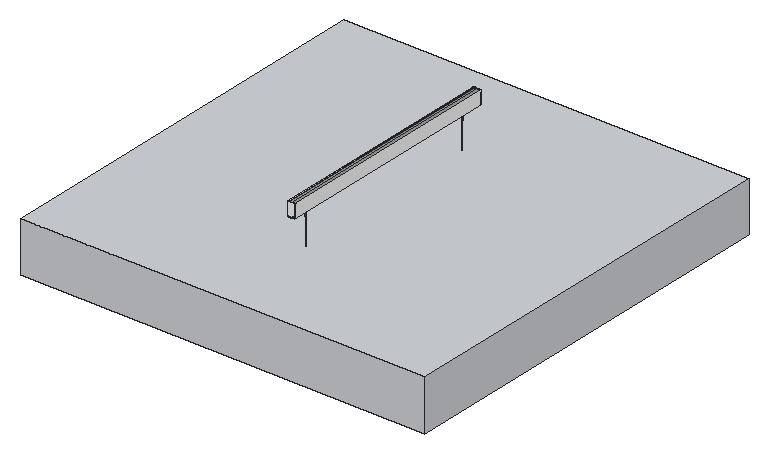
Revit family "LAMP_FIL 45 1400MM OPAL COMFORT SUSPENDED", category Luminarias, Revit 2018
Family settings
  Anfitrión = Cara
  Cota de conector redondo = Diámetro de uso
  Tipo de pieza = Normal
  Corte con vacíos al cargar = No
  Origen de luz = Sí
  Compartido = No
  Punto de cálculo de habitación = No
Parameters (values of type "3250LM 3000K  BLACK")
  Ángulo de inclinación = -90.00°
  Weight = 3.00 kg
  Wattage = 20.3 W
  UGR = "18"
  Type = "MID POWER TRIDONIC"
  built-in parameter 1150107 = 3000 (stored number, unit not read)
  Suspension distance [instance] = if(Suspension > 4000 mm, 4000 mm, if(Suspension < 1 mm, 1 mm, Suspension))  # 200 mm
  Suspension [instance] = 200 mm
  built-in parameter 1150110 = 1 (stored number, unit not read)
  built-in parameter 1150109 = 1 (stored number, unit not read)
  built-in parameter 1150112 = 1 (stored number, unit not read)
  built-in parameter 1150113 = 1 (stored number, unit not read)
  built-in parameter 1114218 = 1 (stored number, unit not read)
  Protection rating = "IP20 / IK07"
  Product datasheet = "http://www.lamp.es/product-files/TECH/F41SF140MOPR830NB-EN.pdf"
  Product code = "F41SF140MOPR830NB"
  Product URL = "https://www.lamp.es/en/family/fil-45_413951"
  Power Supply = "220-240V 50/60Hz"
  Power = 19 W
  Plum = 20.3 W
  Photobiological risk = ""
  NOT COVER 2 [instance] = not(END COVER 2)  # no
  NOT COVER 1 [instance] = not(END COVER 1)  # no
  built-in parameter 1150137 = (empty or 0)
  built-in parameter 1150132 = 2
  Modelo = Product code  # "F41SF140MOPR830NB"
  Model Explanation = ""
  Material suspension = LAMP_Acero genérico
  Material perfil = LAMP_Aluminio Perfil Fil NG
  Material difusor = LAMP_PC Difusor Opal Fil
  Manufacturer name = "LAMP"
  Manufacturer country = "Spain"
  Manufacturer URL = "http://www.lamp.es/en"
  MacAdam = "3"
  Longitud de línea de emisión = 1400 mm
  Last update = "18/03/2021"
  Lamp = "MID-POWER LED"
  LED Lifetime = "70.000 L80 B10"
  built-in parameter 1150105 = 794.14 (stored number, unit not read)
  built-in parameter 1150102 = (empty or 0)
  Insulation class = "I"
  Installation instructions = "https://www.lamp.es/product-files/INS/1004580-C%20INSTR.%20FIL45.pdf"
  built-in parameter 1150106 = 7.9414 (stored number, unit not read)
  IEE = "A+"
  Gear = "Electronic"
  Lumens = 2087.65 lm
  Finish = "Matte black RAL 9011"
  Color Filter = 16777215
  built-in parameter 1114217 = 1 (stored number, unit not read)
  built-in parameter 1150139 = (empty or 0)
  Fabricante = Manufacturer name  # "LAMP"
  Default Elevation = 1219.2 mm
  built-in parameter 1150104 = 9.5541 (stored number, unit not read)
  Efficacy = 102.84 lm/W
  END COVER 2 [instance] = yes
  END COVER 1 [instance] = yes
  Dimensions = "1400x45x80"
  Descripción = "FIL45 SUR 1400 3250 WW OP COMF BK."
  built-in parameter 1150115 = 1 (stored number, unit not read)
  built-in parameter 1150114 = 1 (stored number, unit not read)
  built-in parameter 1150138 = (empty or 0)
  built-in parameter 1150134 = 3
  Dimming Lamp Color Temperature Shift = (empty or 0)
  CRI = "80"
  Archivo de red fotométrica = "F41SF140MOPR830NB.IES"
  built-in parameter 1150133 = 10 (stored number, unit not read)
Types (12, lengths in mm): name | Weight | built-in parameter 1150107 | Product datasheet | Product code | Modelo | Material perfil | built-in parameter 1150105 | built-in parameter 1150106 | Lumens | Finish | built-in parameter 1150104 | Efficacy | Descripción | Archivo de red fotométrica
  3250LM 3000K DALI BLACK | 3.172 kg | 3000 (stored number, unit not read) | "http://www.lamp.es/product-files/TECH/F41SF140MOPR830DB-EN.pdf" | "F41SF140MOPR830DB" | "F41SF140MOPR830DB" | LAMP_Aluminio Perfil Fil NG | 794.14 (stored number, unit not read) | 7.9414 (stored number, unit not read) | 2087.65 lm | "Matte black RAL 9011" | 9.5541 (stored number, unit not read) | 102.84 lm/W | "FIL45 SUR 1400 3250 WW OP COMF DALI BK." | "F41SF140MOPR830nB.IES"
  3250LM 3000K DALI GREY | 3.172 kg | 3000 (stored number, unit not read) | "http://www.lamp.es/product-files/TECH/F41SF140MOPR830DG-EN.pdf" | "F41SF140MOPR830DG" | "F41SF140MOPR830DG" | LAMP_Aluminio Perfil Fil GR | 794.14 (stored number, unit not read) | 7.9414 (stored number, unit not read) | 2087.65 lm | "Gloss grey" | 9.5541 (stored number, unit not read) | 102.84 lm/W | "FIL45 SUR 1400 3250 WW OP COMF DALI GR." | "F41SF140MOPR830nG.IES"
  3250LM 3000K DALI WHITE | 3.172 kg | 3000 (stored number, unit not read) | "http://www.lamp.es/product-files/TECH/F41SF140MOPR830DW-EN.pdf" | "F41SF140MOPR830DW" | "F41SF140MOPR830DW" | LAMP_Aluminio Perfil Fil BL | 794.14 (stored number, unit not read) | 7.9414 (stored number, unit not read) | 2087.65 lm | "Matte white RAL 9010" | 9.5541 (stored number, unit not read) | 102.84 lm/W | "FIL45 SUR 1400 3250 WW OP COMF DALI WH." | "F41SF140MOPR830nW.IES"
  3250LM 3000K  BLACK | 3.00 kg | 3000 (stored number, unit not read) | "http://www.lamp.es/product-files/TECH/F41SF140MOPR830NB-EN.pdf" | "F41SF140MOPR830NB" | "F41SF140MOPR830NB" | LAMP_Aluminio Perfil Fil NG | 794.14 (stored number, unit not read) | 7.9414 (stored number, unit not read) | 2087.65 lm | "Matte black RAL 9011" | 9.5541 (stored number, unit not read) | 102.84 lm/W | "FIL45 SUR 1400 3250 WW OP COMF BK." | "F41SF140MOPR830NB.IES"
  3250LM 3000K  GREY | 3.00 kg | 3000 (stored number, unit not read) | "http://www.lamp.es/product-files/TECH/F41SF140MOPR830NG-EN.pdf" | "F41SF140MOPR830NG" | "F41SF140MOPR830NG" | LAMP_Aluminio Perfil Fil GR | 794.14 (stored number, unit not read) | 7.9414 (stored number, unit not read) | 2087.65 lm | "Gloss grey" | 9.5541 (stored number, unit not read) | 102.84 lm/W | "FIL45 SUR 1400 3250 WW OP COMF GR." | "F41SF140MOPR830NG.IES"
  3250LM 3000K  WHITE | 3.00 kg | 3000 (stored number, unit not read) | "http://www.lamp.es/product-files/TECH/F41SF140MOPR830NW-EN.pdf" | "F41SF140MOPR830NW" | "F41SF140MOPR830NW" | LAMP_Aluminio Perfil Fil BL | 794.14 (stored number, unit not read) | 7.9414 (stored number, unit not read) | 2087.65 lm | "Matte white RAL 9010" | 9.5541 (stored number, unit not read) | 102.84 lm/W | "FIL45 SUR 1400 3250 WW OP COMF WH." | "F41SF140MOPR830NW.IES"
  3250LM 4000K DALI BLACK | 3.172 kg | 4000 (stored number, unit not read) | "http://www.lamp.es/product-files/TECH/F41SF140MOPR840DB-EN.pdf" | "F41SF140MOPR840DB" | "F41SF140MOPR840DB" | LAMP_Aluminio Perfil Fil NG | 833.99 (stored number, unit not read) | 8.3399 (stored number, unit not read) | 2192.4 lm | "Matte black RAL 9011" | 10.034 (stored number, unit not read) | 108 lm/W | "FIL45 SUR 1400 3250 NW OP COMF DALI BK." | "F41SF140MOPR840nB.IES"
  3250LM 4000K DALI GREY | 3.172 kg | 4000 (stored number, unit not read) | "http://www.lamp.es/product-files/TECH/F41SF140MOPR840DG-EN.pdf" | "F41SF140MOPR840DG" | "F41SF140MOPR840DG" | LAMP_Aluminio Perfil Fil GR | 833.99 (stored number, unit not read) | 8.3399 (stored number, unit not read) | 2192.4 lm | "Gloss grey" | 10.034 (stored number, unit not read) | 108 lm/W | "FIL45 SUR 1400 3250 NW OP COMF DALI GR." | "F41SF140MOPR840nG.IES"
  3250LM 4000K DALI WHITE | 3.172 kg | 4000 (stored number, unit not read) | "http://www.lamp.es/product-files/TECH/F41SF140MOPR840DW-EN.pdf" | "F41SF140MOPR840DW" | "F41SF140MOPR840DW" | LAMP_Aluminio Perfil Fil BL | 833.99 (stored number, unit not read) | 8.3399 (stored number, unit not read) | 2192.4 lm | "Matte white RAL 9010" | 10.034 (stored number, unit not read) | 108 lm/W | "FIL45 SUR 1400 3250 NW OP COMF DALI WH." | "F41SF140MOPR840nW.IES"
  3250LM 4000K  BLACK | 3.00 kg | 4000 (stored number, unit not read) | "http://www.lamp.es/product-files/TECH/F41SF140MOPR840NB-EN.pdf" | "F41SF140MOPR840NB" | "F41SF140MOPR840NB" | LAMP_Aluminio Perfil Fil NG | 833.99 (stored number, unit not read) | 8.3399 (stored number, unit not read) | 2192.4 lm | "Matte black RAL 9011" | 10.034 (stored number, unit not read) | 108 lm/W | "FIL45 SUR 1400 3250 NW OP COMF BK." | "F41SF140MOPR840NB.IES"
  3250LM 4000K  GREY | 3.00 kg | 4000 (stored number, unit not read) | "http://www.lamp.es/product-files/TECH/F41SF140MOPR840NG-EN.pdf" | "F41SF140MOPR840NG" | "F41SF140MOPR840NG" | LAMP_Aluminio Perfil Fil GR | 833.99 (stored number, unit not read) | 8.3399 (stored number, unit not read) | 2192.4 lm | "Gloss grey" | 10.034 (stored number, unit not read) | 108 lm/W | "FIL45 SUR 1400 3250 NW OP COMF GR." | "F41SF140MOPR840NG.IES"
  3250LM 4000K  WHITE | 3.00 kg | 4000 (stored number, unit not read) | "http://www.lamp.es/product-files/TECH/F41SF140MOPR840NW-EN.pdf" | "F41SF140MOPR840NW" | "F41SF140MOPR840NW" | LAMP_Aluminio Perfil Fil BL | 1730.3 (stored number, unit not read) | 17.303 (stored number, unit not read) | 2192.4 lm | "Matte white RAL 9010" | 10.034 (stored number, unit not read) | 108 lm/W | "FIL45 SUR 1400 3250 NW OP COMF WH." | "F41SF140MOPR840NW.IES"
Reference planes
  plane 1 "Centro (Frontal/Posterior)": y = 0
  plane 2: z = 0
  plane 3 "Centro (Izquierda/Derecha)": x = 0
Forms (mm)
  Extrusion 1, solid
    sketch origin (0, 0, 0) x (1, 0, 0) y (0, 1, 0)
      loop
        line (-1219.2, 1219.2) -> (-1219.2, -1219.2) -> (1219.2, -1219.2) -> (1219.2, 1219.2) -> (-1219.2, 1219.2)
    from 0 to -304.8
  Extrusion 2, solid, material "LAMP_Aluminio Perfil Fil NG" <- "Material perfil"
    sketch origin (0, 0, 0) x (1, 0, 0) y (0, 0, 1)
      loop
        arc (22.5, 285.7) -> (21.5, 286.7) -> (20.5, 285.7) r 1
        line (20.5, 285.7) -> (20.5, 284.2) -> (17.8, 284.2) -> (17.8, 259) -> (0, 259) -> (-17.8, 259) -> (-17.8, 284.2) -> (-20.5, 284.2) -> (-20.5, 285.7)
        arc (-20.5, 285.7) -> (-21.5, 286.7) -> (-22.5, 285.7) r 1
        line (-22.5, 285.7) -> (-22.5, 206.5) -> (-20.7, 206.5) -> (-20.7, 210) -> (-12.5, 210) -> (-12.5, 208) -> (-14.8, 208) -> (-14.5, 206.5) -> (-11, 206.5) -> (-11, 214.5) -> (0, 214.5) -> (11, 214.5) -> (11, 206.5) -> (14.5, 206.5) -> (14.8, 208) -> (12.5, 208) -> (12.5, 210) -> (20.7, 210) -> (20.7, 206.5) -> (22.5, 206.5) -> (22.5, 285.7)
    from -700 to 700
  Extrusion 3, solid, material "LAMP_Acero genérico" <- "Material suspension"
    sketch origin (0, 0, 0) x (1, 0, 0) y (0, 0, 1)
      loop
        line (-12.5, 201) -> (-15.291, 208.272) -> (-12.823, 210) -> (-13.823, 210) -> (-16.291, 208.272) -> (-13.116, 200) -> (0, 200) -> (13.116, 200) -> (16.291, 208.272) -> (13.823, 210) -> (12.823, 210) -> (15.291, 208.272) -> (12.5, 201) -> (0, 201) -> (-12.5, 201)
    from -600 to -578
  Extrusion 4, solid, material "LAMP_Acero genérico" <- "Material suspension"
    sketch origin (0, -224, 0) x (1, 0, 0) y (0, 1, 0)
      loop
        circle (0, -365) r 5
    from 163.2 to 200
  Extrusion 5, solid, material "LAMP_Acero genérico" <- "Material suspension"
    sketch origin (0, 224, 0) x (1, 0, 0) y (0, 1, 0)
      loop
        circle (0, 365) r 5
    from 163.2 to 200
  Extrusion 6, solid, material "LAMP_Acero genérico" <- "Material suspension"
    sketch origin (0, -200, 0) x (1, 0, 0) y (0, 1, 0)
      loop
        circle (0, -389) r 1
    from 0 to 163.2
  Extrusion 7, solid, material "LAMP_Acero genérico" <- "Material suspension"
    sketch origin (0, 200, 0) x (1, 0, 0) y (0, 1, 0)
      loop
        circle (0, 389) r 1
    from 0 to 163.2
  Extrusion 8, solid, material "LAMP_PC Difusor Opal Fil" <- "Material difusor"
    sketch origin (0, 0, 0) x (1, 0, 0) y (0, 0, 1)
      loop
        line (-20.5, 284.2) -> (0, 284.2) -> (20.5, 284.2) -> (20.5, 286.7) -> (0, 286.7) -> (-20.5, 286.7) -> (-20.5, 284.2)
    from -700 to 700
  Extrusion 9, solid, material "LAMP_Acero genérico" <- "Material suspension"
    sketch origin (0, -200, 0) x (1, 0, 0) y (0, 0, -1)
      loop
        line (-12.5, -201) -> (0, -201) -> (12.5, -201) -> (15.291, -208.272) -> (12.823, -210) -> (13.823, -210) -> (16.291, -208.272) -> (13.116, -200) -> (0, -200) -> (-13.116, -200) -> (-16.291, -208.272) -> (-13.823, -210) -> (-12.823, -210) -> (-15.291, -208.272) -> (-12.5, -201)
    from -400 to -378
  Extrusion 10, solid, material "LAMP_PC Difusor Opal Fil" <- "Material difusor"
    sketch origin (0, 0, 0) x (1, 0, 0) y (0, 0, 1)
      loop
        line (-11, 214.5) -> (-11, 206.5) -> (-7.529, 206.5) -> (11, 206.5) -> (11, 214.5) -> (10, 214.5) -> (10, 207.5) -> (-10, 207.5) -> (-10, 214.5) -> (-11, 214.5)
    from -700 to 700
Lines and regions (mm)
  reference lines
    curve 1: line (0, -445.47, 200) -> (0, 544.53, 200)
Text (mm)
  text "Any modification of the parameters and properties of the LAMP BIM models must be executed and validated by the LAMP technical department.\nPhone: +34 93 736 68 00\nE-mail: lamp@lamp.es\n\nLAMP reserves the right to modify the technical specifications of its products." at (3279.264, 5298.162, -2684.539), in view "Preview"
Dimensions and locks
  "Suspension distance": level to curve 1
  locked: Extrusion 4 to Extrusion 4 at 36.8
  locked: Extrusion 5 to Extrusion 5 at 36.8
  aligned and locked: plane 2 to Extrusion 1
  aligned and locked: level to Extrusion 1
  aligned and locked: Extrusion 8 to Extrusion 2  (x2)
  aligned and locked: Extrusion 9 to curve 1
  aligned and locked: curve 1 to Extrusion 3
  aligned and locked: curve 1 to Extrusion 4
  aligned and locked: Extrusion 5 to curve 1
  aligned and locked: Extrusion 6 to Extrusion 4
  aligned and locked: Extrusion 7 to Extrusion 5
  aligned and locked: Extrusion 2 to Extrusion 9  (x2)
  aligned and locked: imposter light to Extrusion 8
  aligned and locked: Extrusion 10 to Extrusion 2
  aligned and locked: nested 1 to Extrusion 2  (x2)
  aligned and locked: nested 2 to Extrusion 2
Automatic sketch dimensions
  Extrusion 1 sketch curve to Extrusion 1 sketch curve = 2438.4 mm  (x2)
  Extrusion 3 sketch curve to plane 3 "Centro (Izquierda/Derecha)" = 0 mm  (x2)
  Extrusion 3 sketch curve to Extrusion 3 sketch curve = 12.5 mm
  Extrusion 3 sketch curve to Extrusion 3 sketch curve = 0.323 mm  (x2)
  Extrusion 3 sketch curve to Extrusion 3 sketch curve = 0.616 mm  (x2)
  Extrusion 3 sketch curve to Extrusion 3 sketch curve = 1 mm  (x5)
  Extrusion 3 sketch curve to Extrusion 3 sketch curve = 1.468 mm  (x2)
  plane 3 "Centro (Izquierda/Derecha)" to Extrusion 3 sketch curve = 12.5 mm
  level to Extrusion 3 sketch curve = 200 mm
  Extrusion 3 sketch curve to Extrusion 3 sketch curve = 7.272 mm  (x2)
  Extrusion 3 sketch curve to Extrusion 3 sketch curve = 0 mm  (x2)
  Extrusion 3 sketch curve to Extrusion 3 sketch curve = 1.728 mm  (x2)
  Extrusion 4 sketch curve to plane 3 "Centro (Izquierda/Derecha)" = 0 mm
  plane 1 "Centro (Frontal/Posterior)" to Extrusion 4 sketch curve = 589 mm
  Extrusion 5 sketch curve to plane 3 "Centro (Izquierda/Derecha)" = 0 mm
  plane 1 "Centro (Frontal/Posterior)" to Extrusion 5 sketch curve = 589 mm
  Extrusion 6 sketch curve to plane 3 "Centro (Izquierda/Derecha)" = 0 mm
  plane 1 "Centro (Frontal/Posterior)" to Extrusion 6 sketch curve = 589 mm
  Extrusion 7 sketch curve to plane 3 "Centro (Izquierda/Derecha)" = 0 mm
  plane 1 "Centro (Frontal/Posterior)" to Extrusion 7 sketch curve = 589 mm
  Extrusion 2 sketch curve to plane 3 "Centro (Izquierda/Derecha)" = 0 mm  (x2)
  Extrusion 2 sketch curve to plane 3 "Centro (Izquierda/Derecha)" = 11 mm
  Extrusion 2 sketch curve to Extrusion 2 sketch curve = 1.5 mm  (x6)
  Extrusion 2 sketch curve to Extrusion 2 sketch curve = 2 mm  (x2)
  Extrusion 2 sketch curve to Extrusion 2 sketch curve = 0.3 mm  (x2)
  Extrusion 2 sketch curve to Extrusion 2 sketch curve = 17.8 mm
  Extrusion 2 sketch curve to Extrusion 2 sketch curve = 2.7 mm  (x2)
  Extrusion 2 sketch curve to Extrusion 2 sketch curve = 5.9 mm  (x2)
  Extrusion 2 sketch curve to Extrusion 2 sketch curve = 1 mm  (x2)
  plane 3 "Centro (Izquierda/Derecha)" to Extrusion 2 sketch curve = 11 mm
  plane 3 "Centro (Izquierda/Derecha)" to Extrusion 2 sketch curve = 17.8 mm
  level to Extrusion 2 sketch curve = 206.5 mm
  Extrusion 2 sketch curve to Extrusion 2 sketch curve = 0 mm  (x3)
  Extrusion 2 sketch curve to Extrusion 2 sketch curve = 3.5 mm  (x2)
  Extrusion 2 sketch curve to Extrusion 2 sketch curve = 4.5 mm
  Extrusion 2 sketch curve to Extrusion 2 sketch curve = 44.5 mm
  Extrusion 2 sketch curve to Extrusion 2 sketch curve = 25.2 mm  (x2)
  Extrusion 8 sketch curve to plane 3 "Centro (Izquierda/Derecha)" = 0 mm  (x2)
  Extrusion 8 sketch curve to Extrusion 8 sketch curve = 20.5 mm
  plane 3 "Centro (Izquierda/Derecha)" to Extrusion 8 sketch curve = 20.5 mm
  level to Extrusion 8 sketch curve = 284.2 mm
  Extrusion 8 sketch curve to Extrusion 8 sketch curve = 2.5 mm
  Extrusion 9 sketch curve to plane 3 "Centro (Izquierda/Derecha)" = 0 mm  (x2)
  Extrusion 9 sketch curve to Extrusion 9 sketch curve = 12.5 mm
  Extrusion 9 sketch curve to Extrusion 9 sketch curve = 0.323 mm  (x2)
  Extrusion 9 sketch curve to Extrusion 9 sketch curve = 0.616 mm  (x2)
  Extrusion 9 sketch curve to Extrusion 9 sketch curve = 1 mm  (x5)
  Extrusion 9 sketch curve to Extrusion 9 sketch curve = 1.468 mm  (x2)
  plane 3 "Centro (Izquierda/Derecha)" to Extrusion 9 sketch curve = 12.5 mm
  level to Extrusion 9 sketch curve = 210 mm
  Extrusion 9 sketch curve to Extrusion 9 sketch curve = 0 mm  (x3)
  Extrusion 9 sketch curve to Extrusion 9 sketch curve = 1.728 mm  (x2)
  Extrusion 9 sketch curve to Extrusion 9 sketch curve = 7.272 mm
  Extrusion 10 sketch curve to plane 3 "Centro (Izquierda/Derecha)" = 11 mm
  Extrusion 10 sketch curve to Extrusion 10 sketch curve = 1 mm  (x3)
  Extrusion 10 sketch curve to Extrusion 10 sketch curve = 2.471 mm
  plane 3 "Centro (Izquierda/Derecha)" to Extrusion 10 sketch curve = 10 mm
  level to Extrusion 10 sketch curve = 206.5 mm
  Extrusion 10 sketch curve to Extrusion 10 sketch curve = 7 mm  (x2)
  plane 1 "Centro (Frontal/Posterior)" to curve 1 = 445.47 mm
  curve 1 to plane 1 "Centro (Frontal/Posterior)" = 544.53 mm
  radius of Extrusion 4 sketch curve = 5 mm
  radius of Extrusion 5 sketch curve = 5 mm
  radius of Extrusion 6 sketch curve = 1 mm
  radius of Extrusion 7 sketch curve = 1 mm
Nested families
  nested 1: "LAMP_FIL 45 END COVER SURFACE" at (0, -701, 206.5), visible <- "END COVER 1", type "LAMP_FIL 45 END COVER SURFACE"
  nested 2: "LAMP_FIL 45 END COVER SURFACE" at (0, 701, 206.5), visible <- "END COVER 2", type "LAMP_FIL 45 END COVER SURFACE"
Connectors
  electrical at (0, 589, 200)
    settings: on Extrusion 5, index 1, voltage 230 V, apparent load 0 VA, apparent load phase1 0 VA, apparent load phase2 0 VA, apparent load phase3 0 VA, power factor 1, load classification "Otro", number of poles 1, system type 31, power factor state 1, is connector primary yes, connector utility no, sub classification motor no, connector description ""
Definition of nested family "LAMP_FIL 45 END COVER SURFACE"
  Parameters (values of type "Blanco")
    Material tapa = none
  Reference planes
    plane 1 "Centro (Frontal/Posterior)": y = 0
    plane 2: z = 0
    plane 3 "Centro (Izquierda/Derecha)": x = 0
  Forms (mm)
    Extrusion 1, solid, material <- "Material tapa"
      sketch origin (0, 0, 0) x (0, -1, 0) y (0, 0, 1)
        loop
          line (0, 0) -> (1, 0) -> (1, 80) -> (-1, 80) -> (-1, 0) -> (0, 0)
      from -22.5 to 22.5
  Dimensions and locks
    aligned and locked: level to plane 2
